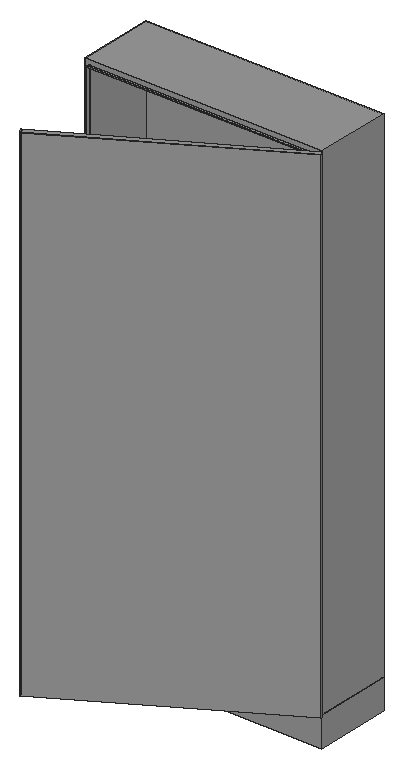
Revit family "Hager-Univers-IP55-D275-H1800-Cl.I-Steel_encl-NoHosted-PT-pt", category Electrical Equipment, Revit 2020
Family settings
  Panel Configuration = Two Columns, Circuits Across
  Round Connector Dimension = Use Diameter
  Part Type = Panelboard
  Work Plane-Based = Yes
  Always vertical = Yes
  Cut with Voids When Loaded = No
  Shared = No
  Room Calculation Point = No
Parameters (values of type "Instalação de piso IP55 L800 A1800 P275  - FR13E1")
  Width Control [instance] = if([EF000008 - Largura] > Min Width, [EF000008 - Largura], Min Width)  # 800 mm
  Type Comments = [HG000003 - Gama]  # "Univers"
  Thickness Door [instance] = if([EF009171 - Espessura do material da porta/tampa] > 3 mm, 3 mm, [EF009171 - Espessura do material da porta/tampa])  # 1.5 mm
  Seal Frame Offset [instance] = 17 mm  # constant formula
  Plinth Visibility [instance] = [HG000027 - Altura da Plinta] > 0 mm  # yes
  Min Width [instance] = 100 mm  # constant formula
  Min Depth [instance] = (2 * [EF009170 - Espessura do material do invólucro]) + 1 mm  # 4 mm
  Min Height [instance] = 100 mm  # constant formula
  Internal Frame Depth [instance] = (Door System Depth * 0.5)  # 9 mm
  Panel Name [instance] = ""  # (empty or 0)
  Model = ""
  HG000027 - Altura da Plinta = 100 mm
  HG000026 - Instalação no chão = yes
  HG000024 - Altura da secção inferior = 600 mm
  HG000023 - Recinto de secção dupla = no
  HG000016 - Visibilidade da porta 3D [instance] = yes
  HG000015 - Visibilidade através da porta [instance] = no
  HG000014 - Porta à direita [instance] = yes
  HG000013 - Porta à esquerda [instance] = not([HG000014 - Porta à direita])  # no
  HG000012 - Ângulo de abertura de porta [instance] = 30.00°
  HG000010 - Portas assimétricas = no
  HG000009 - Porta dupla = no
  HG000006 - Encastrado = no
  HG000004 - Referência do Fabricante = "FR13E1"
  HG000003 - Gama = "Univers"
  HG000002 - Com porta ou tampa = yes
  Frame Offset Bottom [instance] = 10 mm  # constant formula
  Frame Offset [instance] = 15 mm  # constant formula
  EF015940 - Tampa com libertação de sobrepressão = no
  EF011959 - Grau de proteção (NEMA) = ""
  EF009554 - Número de aberturas para placas de flange = 6
  EF009212 - Tipo de tampa = "EV000116 - Fechado"
  EF009171 - Espessura do material da porta/tampa = 1.5 mm
  EF009170 - Espessura do material do invólucro = 1.5 mm
  EF008873 - Corrente nominal (In) = 800 A
  EF007800 - Adequado para proteção contra raios = no
  EF006306 - Com fecho = no
  EF006244 - Tampa/porta transparente = no
  EF005474 - Grau de proteção (IP) = "EV006420 - IP55"
  EF004464 - Tipo de porta = "EV002646 - Único"
  EF004427 - Número de módulos = 396
  EF004293 - Força de impacto = "EV008784 - IK10"
  EF003532 - Adequado para uso no exterior = no
  EF002950 - Largura em número de módulos = 24
  EF001613 - Integridade do circuito = "EV000494 - Nenhum"
  EF001596 - Material do corpo = "EV000179 - Aço"
  EF001131 - Profundidade interior = 275 mm
  EF001088 - Extensão possível = yes
  EF000437 - Número de entradas de condutores = 6
  EF000339 - Tipo de difusor = "EV004216 - Porta"
  EF000266 - Número de linhas = 11
  EF000218 - Profundidade incorporada = 0 mm
  EF000118 - Com tampa de montagem = no
  EF000116 - Número RAL = "7035"
  EF000049 - Profundidade = 275 mm
  EF000040 - Altura = 1800 mm
  EF000008 - Largura = 800 mm
  EF000007 - Cor = "EV000270 - Cinzento"
  EF000003 - Método de montagem = "EV012274 - Instalação de piso"
  Door System Leaf Tolerance [instance] = 1.5 mm  # constant formula
  Door System Depth [instance] = 18 mm  # constant formula
  Door Height [instance] = Height Control - [HG000027 - Altura da Plinta]  # 1700 mm
  Description = ""
  Default Elevation = 1219.2 mm
  Connector Offset [instance] = Height Control / 2  # 900 mm
  Manufacturer = "Hager"  # constant formula
  Height Control [instance] = if([EF000040 - Altura] > Min Height, [EF000040 - Altura], Min Height)  # 1800 mm
  Depth Control [instance] = if([EF000049 - Profundidade] > Min Depth, [EF000049 - Profundidade], Min Depth)  # 275 mm
  Bottom Top Plate Trim [instance] = 1.5 mm  # constant formula
  Plinth height Ctrl [instance] = if([HG000027 - Altura da Plinta] > 0 mm, [HG000027 - Altura da Plinta], 12 mm)  # 100 mm
Types (3, lengths in mm): name | Width Control | HG000010 - Portas assimétricas | HG000009 - Porta dupla | HG000004 - Referência do Fabricante | EF009554 - Número de aberturas para placas de flange | EF004464 - Tipo de porta | EF004427 - Número de módulos | EF000437 - Número de entradas de condutores | EF000008 - Largura
  Instalação de piso IP55 L1050 A1800 P275  - FR14E1 | 1050 | yes | yes | "FR14E1" | 8 | "EV003602 - Duplo" | 528 | 8 | 1050
  Instalação de piso IP55 L1300 A1800 P275  - FR15E1 | 1300 | yes | yes | "FR15E1" | 10 | "EV003602 - Duplo" | 660 | 10 | 1300
  Instalação de piso IP55 L800 A1800 P275  - FR13E1 | 800 | no | no | "FR13E1" | 6 | "EV002646 - Único" | 396 | 6 | 800
Reference planes
  plane 1 "Center (Front/Back)": y = 0
  plane 2: z = 0
  plane 3 "Center (Left/Right)": x = 0
  plane 4: y = 0
  plane 5: y = 0
  plane 6: z = 0
  plane 7: x = -400
  plane 8: x = 400
  plane 9: x = 398.5
  plane 10: x = -398.5
  plane 11: z = 100
  plane 12: z = 101.5
  plane 13: y = -275
  plane 14: y = -1.5
  plane 15: x = 0
  plane 16: y = -257
  plane 17: y = -273.5
  plane 18: y = -255.5
  plane 19: x = -383.5
  plane 20: x = 383.5
  plane 21: z = 111.5
  plane 22: x = -383
  plane 23: x = 383
  plane 24: z = 100
  plane 25: z = 1800
  plane 26: z = 1800
  plane 27: z = 1783.5
  plane 28: z = 1798.5
Forms (mm)
  Extrusion 1, solid, material "Hager_Steel_RAL7035_Light_Grey", detail levels medium+fine
    sketch origin (-208.679, -4572, 100) x (-1, 0, 0) y (0, -1, 0)
      loop
        line (191.321, -4315) -> (-608.679, -4315) -> (-608.679, -4572) -> (191.321, -4572) -> (191.321, -4315)
    from 0 to 1700
  Extrusion 2, void
    sketch origin (-350.771, -275, 1219.2) x (1, 0, 0) y (0, 0, 1)
      loop
        line (-47.729, 579.3) -> (-47.729, -1117.7) -> (749.271, -1117.7) -> (749.271, 579.3) -> (-47.729, 579.3)
    from -19.5 to -273.5
  Extrusion 3, void
    sketch origin (-290.084, -257, 1219.2) x (1, 0, 0) y (0, 0, 1)
      loop
        line (-93.416, -1107.7) -> (673.584, -1107.7) -> (673.584, 564.3) -> (-93.416, 564.3) -> (-93.416, -1107.7)
    from 0 to -1.5
  Extrusion 4, solid, material "Hager_Steel_RAL7035_Light_Grey", visible <- "Plinth Visibility", detail levels medium+fine
    sketch origin (0, 0, 0) x (1, 0, 0) y (0, 1, 0)
      loop
        line (-400, 0) -> (-400, -257) -> (400, -257) -> (400, 0) -> (-400, 0)
    from 0 to 100 <- "Plinth height Ctrl"
  Extrusion 5, solid, material "Hager_Steel_RAL7035_Light_Grey", detail levels coarse
    sketch origin (0, 0, 0) x (1, 0, 0) y (0, 1, 0)
      loop
        line (-400, 0) -> (-400, -275) -> (400, -275) -> (400, 0) -> (-400, 0)
    from 0 to 1800 <- "Height Control"
  Sweep 6, void
    path in 3D
      loop
        line (-400, -257, 100) -> (400, -257, 100) -> (400, 0, 100) -> (-400, 0, 100) -> (-400, -257, 100)
    profile origin (-400, -128.5, 100) x (1, 0, 0) y (0, 0, 1)
      loop
        line (0, 0) -> (0, -1.5) -> (1.5, -1.5)
        arc (1.5, -1.5) -> (1.061, -0.439) -> (0, 0) r 1.5
  Extrusion 7, solid, material "Hager_Steel_RAL7035_Light_Grey", detail levels fine
    sketch origin (-400, -257, 100) x (1, 0, 0) y (0, 0, 1)
      loop
        line (16.5, 11.5) -> (783.5, 11.5) -> (783.5, 1683.5) -> (16.5, 1683.5) -> (16.5, 11.5)
      loop
        line (15, 10) -> (785, 10) -> (785, 1685) -> (15, 1685) -> (15, 10)
    from 0 to 9 <- "Internal Frame Depth"
Cuts and joins
  Extrusion 2, Extrusion 3 cuts Extrusion 1
  Sweep 6 cuts Extrusion 4
Lines and regions (mm)
  Masking region 1
    outline origin (0, 0, 0) x (1, 0, 0) y (0, 1, 0)
      loop
        line (-400, 0) -> (-400, -275) -> (400, -275) -> (400, 0) -> (-400, 0)
  Masking region 2, detail levels coarse
    outline origin (-290.084, -257, 1219.2) x (-1, 0, 0) y (0, 0, 1)
      loop
        line (-690.084, -1219.2) -> (109.916, -1219.2) -> (109.916, 580.8) -> (-690.084, 580.8) -> (-690.084, -1219.2)
  Masking region 3, detail levels coarse
    outline origin (0, 0, 0) x (0, 1, 0) y (0, 0, 1)
      loop
        line (0, 0) -> (0, 1800) -> (-275, 1800) -> (-275, 0) -> (0, 0)
  Masking region 4, visible <- "Plinth Visibility", detail levels medium+fine
    outline origin (0, 0, 0) x (0, 1, 0) y (0, 0, 1)
      loop
        line (-1.5, 100) -> (-255.5, 100)
        arc (-255.5, 100) -> (-255.939, 98.939) -> (-257, 98.5) r 1.5
        line (-257, 98.5) -> (-257, 0) -> (0, 0) -> (0, 98.5)
        arc (0, 98.5) -> (-1.061, 98.939) -> (-1.5, 100) r 1.5
  Masking region 5, detail levels medium+fine
    outline origin (0, 0, 594.038) x (0, 1, 0) y (0, 0, 1)
      loop
        line (0, -494.038) -> (0, 1205.962) -> (-257, 1205.962) -> (-257, -494.038) -> (0, -494.038)
  Masking region 6, detail levels medium+fine
    outline origin (-359.7, -257, 1211.883) x (-1, 0, 0) y (0, 0, 1)
      loop
        line (-759.7, -1111.883) -> (40.3, -1111.883) -> (40.3, 588.117) -> (-759.7, 588.117) -> (-759.7, -1111.883)
  Masking region 7, visible <- "Plinth Visibility", detail levels medium+fine
    outline origin (-320.334, -257, 1041.368) x (-1, 0, 0) y (0, 0, 1)
      loop
        line (-720.334, -1041.368) -> (79.666, -1041.368) -> (79.666, -942.868)
        arc (79.666, -942.868) -> (78.606, -942.429) -> (78.166, -941.368) r 1.5
        line (78.166, -941.368) -> (-718.834, -941.368)
        arc (-718.834, -941.368) -> (-719.273, -942.429) -> (-720.334, -942.868) r 1.5
        line (-720.334, -942.868) -> (-720.334, -1041.368)
  sketch lines
    curve 1: line (-400, 0, 100) -> (-400, -257, 100)
    curve 2: line (-400, -257, 100) -> (400, -257, 100)
    curve 3: line (400, 0, 100) -> (-400, 0, 100)
    curve 4: line (400, -257, 100) -> (400, 0, 100)
Dimensions and locks
  locked: plane 1 "Center (Front/Back)" to plane 5
  "EF009170 - Espessura do material do invólucro": plane 7 to plane 10
  "EF009170 - Espessura do material do invólucro": plane 8 to plane 9
  equal spacing: plane 7, plane 3 "Center (Left/Right)", plane 8
  "Width Control": plane 7 to plane 8
  "Depth Control": plane 4 to plane 13
  "EF009170 - Espessura do material do invólucro": plane 4 to plane 14
  "Height Control": plane 25 to level
  "HG000027 - Altura da Plinta": plane 11 to level
  "EF009170 - Espessura do material do invólucro": plane 12 to plane 11
  "EF009170 - Espessura do material do invólucro": plane 17 to plane 13
  "EF009170 - Espessura do material do invólucro": plane 18 to plane 16
  "Frame Offset Bottom": plane 21 to plane 12
  "Frame Offset": plane 10 to plane 19
  "Frame Offset": plane 9 to plane 20
  "Door System Depth": plane 16 to plane 13
  "Seal Frame Offset": plane 7 to plane 22
  "Seal Frame Offset": plane 8 to plane 23
  "EF009170 - Espessura do material do invólucro": plane 26 to plane 28
  "Frame Offset": plane 28 to plane 27
  "Connector Offset": plane 2 to connector elem
  "Bottom Top Plate Trim": profile plane to Sweep 6 sketch curve
  "Bottom Top Plate Trim": Sweep 6 sketch curve to Sweep 6 sketch curve
  "Plinth height Ctrl": Masking region 4 sketch curve to level
  "Plinth height Ctrl": Masking region 7 sketch curve to level
  "Thickness Door": Extrusion 7 sketch curve to Extrusion 7 sketch curve  (x4)
  "Bottom Top Plate Trim": radius of Sweep 6 sketch curve
  "Bottom Top Plate Trim": radius of Masking region 4 sketch curve  (x2)
  "Bottom Top Plate Trim": radius of Masking region 7 sketch curve  (x2)
  aligned and locked: Extrusion 2 sketch curve to plane 12
  aligned and locked: Extrusion 2 sketch curve to plane 9
  aligned and locked: Extrusion 2 sketch curve to plane 10
  aligned and locked: Extrusion 2 to plane 14
  aligned and locked: Extrusion 1 sketch curve to plane 4
  aligned and locked: plane 8 to Extrusion 1 sketch curve
  aligned and locked: plane 7 to Extrusion 1 sketch curve
  aligned and locked: Extrusion 2 to plane 18
  aligned and locked: Extrusion 3 sketch curve to plane 19
  aligned and locked: plane 20 to Extrusion 3 sketch curve
  aligned and locked: Extrusion 3 to Extrusion 2
  aligned and locked: Extrusion 3 sketch curve to plane 21
  aligned and locked: plane 3 "Center (Left/Right)" to nested 1
  aligned and locked: Extrusion 1 sketch curve to plane 16
  aligned and locked: Extrusion 4 sketch curve to cut or joined group of Extrusion 1, Extrusion 2, Extrusion 3
  aligned and locked: Masking region 1 sketch curve to plane 7
  aligned and locked: Masking region 1 sketch curve to plane 5
  aligned and locked: Masking region 1 sketch curve to plane 8
  aligned and locked: Masking region 2 sketch curve to level
  aligned and locked: level to Masking region 3 sketch curve
  aligned and locked: plane 1 "Center (Front/Back)" to Masking region 3 sketch curve
  aligned and locked: plane 13 to Masking region 3 sketch curve
  aligned and locked: plane 5 to Masking region 4 sketch curve
  aligned and locked: Masking region 2 sketch curve to plane 8
  aligned and locked: Masking region 2 sketch curve to plane 7
  aligned and locked: plane 7 to nested 2
  aligned and locked: nested 2 to plane 5
  aligned and locked: plane 5 to Masking region 5 sketch curve
  aligned and locked: plane 26 to Masking region 5 sketch curve
  aligned and locked: Extrusion 5 sketch curve to plane 8
  aligned and locked: Extrusion 5 sketch curve to plane 7
  aligned and locked: Extrusion 5 sketch curve to plane 5
  aligned and locked: Extrusion 3 sketch curve to plane 27
  aligned and locked: Extrusion 2 sketch curve to plane 28
  aligned and locked: Masking region 2 to plane 25
  aligned and locked: Extrusion 4 to plane 16
  aligned and locked: profile plane to Sweep 6 sketch curve
  aligned and locked: Masking region 5 sketch curve to plane 24
  aligned and locked: level to Masking region 4 sketch curve
  aligned and locked: Masking region 1 to plane 13
  aligned and locked: nested 1 to plane 16
  aligned and locked: Masking region 3 to plane 25
  aligned and locked: plane 16 to Masking region 4 sketch curve
  aligned and locked: Masking region 5 sketch curve to plane 16
  aligned and locked: plane 24 to plane 11
  aligned and locked: plane 26 to plane 25
  aligned and locked: plane 26 to cut or joined group of Extrusion 1, Extrusion 2, Extrusion 3
  aligned and locked: nested 1 to plane 24
  aligned and locked: Extrusion 1 to Extrusion 3
  aligned and locked: Masking region 6 sketch curve to plane 8
  aligned and locked: Masking region 6 sketch curve to plane 24
  aligned and locked: Masking region 6 sketch curve to plane 7
  aligned and locked: Masking region 6 sketch curve to plane 26
  aligned and locked: Masking region 7 sketch curve to plane 7
  aligned and locked: level to Masking region 7 sketch curve
  aligned and locked: Masking region 7 sketch curve to plane 8
  aligned and locked: Extrusion 7 sketch curve to cut or joined group of Extrusion 1, Extrusion 2, Extrusion 3  (x4)
Automatic sketch dimensions
  plane 19 to Extrusion 3 sketch curve = 0 mm
  Extrusion 3 sketch curve to plane 20 = 0 mm
  Extrusion 3 sketch curve to plane 21 = 0 mm
  Extrusion 4 sketch curve to plane 7 = 0 mm
  Extrusion 4 sketch curve to plane 8 = 0 mm
  Extrusion 4 sketch curve to plane 16 = 0 mm
  Masking region 1 sketch curve to plane 13 = 0 mm
  Masking region 2 sketch curve to plane 25 = 0 mm
  Masking region 3 sketch curve to plane 25 = 0 mm
  Extrusion 5 sketch curve to plane 13 = 0 mm
  profile plane to Sweep 6 sketch curve = 0 mm
Nested families
  nested 1: "EC000058_Univers_Door" at (0, -257, 100), Double <- "HG000009 - Porta dupla", Transparent <- "EF006244 - Tampa/porta transparente", Angle <- "HG000012 - Ângulo de abertura de porta", Door_Right <- "HG000014 - Porta à direita", Assymetrical <- "HG000010 - Portas assimétricas", Door <- "HG000002 - Com porta ou tampa", Width_Ctrl <- "Width Control", 3d_Door <- "HG000016 - Visibilidade da porta 3D", Clearance <- "HG000015 - Visibilidade através da porta", Door_Left <- "HG000013 - Porta à esquerda", Width <- "Width Control", Door_Depth <- "Door System Depth", Leaf_Tolerance <- "Door System Leaf Tolerance", Height <- "Door Height", Lock_Visibility <- "EF006306 - Com fecho", Thickness <- "Thickness Door", type "EC000058_Univers_Door", detail levels medium+fine
    with min_wh 4 mm, Width_Ctrl 800 mm, Width 800 mm, Transparent no, Thickness 1.5 mm, Seal_Material Hager_Rubber, Lock_Visibility no, Lock_Material Hager_Plastic_RAL9005_Jet_Black, Leaf_Width 800 mm, Leaf_Tolerance_External_Sides 0 mm, Leaf_Tolerance 1.5 mm, Leaf_Offset 0 mm, Leaf_Height 1697 mm, Leaf_2_Width 800 mm, Leaf_2_Offset 400 mm, Leaf_1_Width 800 mm, Leaf_1_Offset 400 mm, Height_Ctrl 1700 mm, Height 1700 mm, Glass_Material Hager_Glass, Double_Clearance_Ctrl no, Double no, Door_Right_Ctrl yes, Door_Right yes, Door_Material Hager_Steel_RAL7035_Light_Grey, Door_Left_Ctrl no, Door_Left no, Door_Depth 18 mm, Door yes, Clearance_Material Hager_Clearance, Clearance_Depth 800 mm, Clearance_Ctrl no, Clearance no, Assymetrical no, Angle 30.00°, 3d_Door yes
  nested 2: "Hager_Enclosure_Symbol" at (-400, 0, 0), Height <- "Depth Control", Width <- "Width Control", type "Hager_Enclosure_Symbol"
    with Width_Ctrl 800 mm, Width 800 mm, Height_Ctrl 275 mm, Height 275 mm, A_Width_Int 18.047 mm, A_Width 216.562 mm, A_Height_Ctrl 240.625 mm, A_Height 240.625 mm
Connectors
  electrical at (0, 0, 900)
    settings: on plane 1 "Center (Front/Back)", index 1, voltage 0 V, apparent load 0 VA, apparent load phase1 0 VA, apparent load phase2 0 VA, apparent load phase3 0 VA, power factor 1, load classification "Other", number of poles 1, system type 30, power factor state 1, is connector primary yes, connector utility no, sub classification motor no, connector description ""
Definition of nested family "EC000058_Univers_Door"
  Parameters (values of type "EC000058_Univers_Door")
    min_wh [instance] = (2 * Thickness) + 1 mm  # 11 mm
    Width_Ctrl [instance] = 400 mm
    Width [instance] = 500 mm
    Transparent [instance] = yes
    Thickness [instance] = 5 mm
    Seal_Material [instance] = none
    Lock_Visibility [instance] = yes
    Lock_Material [instance] = none
    Leaf_Width [instance] = if((Width_Ctrl - 2 * Leaf_Tolerance_External_Sides) > 0 mm, (Width_Ctrl - 2 * Leaf_Tolerance_External_Sides), min_wh)  # 400 mm
    Leaf_Tolerance_External_Sides [instance] = 0 mm  # constant formula
    Leaf_Tolerance [instance] = 1.5 mm
    Leaf_Offset [instance] = 0 mm  # constant formula
    Leaf_Height [instance] = if((Height_Ctrl - 2 * Leaf_Tolerance) > 0 mm, (Height_Ctrl - 2 * Leaf_Tolerance), min_wh)  # 497 mm
    Leaf_2_Width [instance] = if(and(and(Double, Assymetrical), Door_Left), (Leaf_Width / 3) - (Leaf_Tolerance / 2), if(and(and(Double, Assymetrical), Door_Right), (Leaf_Width / 3) * 2 - (Leaf_Tolerance / 2), if(and(Double, not(Assymetrical)), (Leaf_Width / 2) - Leaf_Tolerance, Leaf_Width)))  # 400 mm
    Leaf_2_Offset [instance] = if(and(Double, Assymetrical), Leaf_2_Width / 2, if(and(Double, not(Assymetrical)), Leaf_Width / 4, Leaf_Width / 2))  # 200 mm
    Leaf_1_Width [instance] = if(and(and(Double, Assymetrical), Door_Right), (Leaf_Width / 3) - (Leaf_Tolerance / 2), if(and(and(Double, Assymetrical), Door_Left), (Width / 3) * 2 - (Leaf_Tolerance / 2), if(and(Double, not(Assymetrical)), (Leaf_Width / 2) - Leaf_Tolerance, Leaf_Width)))  # 400 mm
    Leaf_1_Offset [instance] = if(and(Double, Assymetrical), Leaf_1_Width / 2, if(and(Double, not(Assymetrical)), Leaf_Width / 4, Leaf_Width / 2))  # 200 mm
    Height_Ctrl [instance] = if(Height > min_wh, Height, min_wh)  # 500 mm
    Height [instance] = 500 mm
    Glass_Material [instance] = none
    Double_Clearance_Ctrl [instance] = and(Double, Clearance)  # no
    Double [instance] = no
    Door_Right_Ctrl [instance] = and(or(Door_Right, Double), Door)  # yes
    Door_Right [instance] = yes
    Door_Material [instance] = none
    Door_Left_Ctrl [instance] = and(or(Door_Left, Double), Door)  # no
    Door_Left [instance] = no
    Door_Depth [instance] = 30 mm
    Door [instance] = yes
    Default Elevation = 1219.2 mm
    Clearance_Material [instance] = none
    Clearance_Depth [instance] = if(Leaf_1_Width > Leaf_2_Width, Leaf_1_Width, Leaf_2_Width)  # 400 mm
    Clearance_Ctrl [instance] = and(not(Double), Clearance)  # yes
    Clearance [instance] = yes
    Assymetrical [instance] = yes
    Angle [instance] = 30.00°
    3d_Door [instance] = yes
  Reference planes
    plane 1 "Center (Front/Back)": y = 0
    plane 2 "Bottom": z = 0
    plane 3 "Center (Left/Right)": x = 0
    plane 4: z = 500
    plane 5: x = -200
    plane 6: x = 200
    plane 7: z = 500
    plane 8: x = -200
    plane 9: z = 0
    plane 10: x = 200
    plane 11: y = 0
    plane 12: z = 1.5
    plane 13: x = -600
    plane 14: y = -400
    plane 15: x = 600
    plane 16: x = 0
    plane 17: x = 0
    plane 18: x = -200
    plane 19: x = 200
    plane 20: z = 498.5
  Forms (mm)
    Extrusion 1, solid, material <- "Clearance_Material", visible <- "Double_Clearance_Ctrl"
      sketch origin (1200, 0, 0) x (1, 0, 0) y (0, 0, -1)
        loop
          line (-1800, -498.5) -> (-600, -498.5) -> (-600, 0) -> (-1800, 0) -> (-1800, -498.5)
      from 0 to -400
  Dimensions and locks
    equal spacing: plane 5, plane 3 "Center (Left/Right)", plane 6
    "Width_Ctrl": plane 5 to plane 6
    "Leaf_Offset": plane 5 to plane 8
    "Leaf_Offset": plane 6 to plane 10
    "Leaf_Offset": plane 9 to level
    "Leaf_Offset": plane 4 to plane 7
    "Height_Ctrl": plane 4 to level
    "Leaf_Tolerance": plane 12 to plane 9
    locked: plane 11 to plane 1 "Center (Front/Back)"
    "Leaf_1_Offset": plane 18 to plane 16
    "Leaf_2_Offset": plane 17 to plane 19
    "Leaf_1_Width": plane 13 to plane 8
    "Leaf_2_Width": plane 10 to plane 15
    "Clearance_Depth": plane 14 to plane 1 "Center (Front/Back)"
    "Leaf_Tolerance_External_Sides": plane 8 to plane 18
    "Leaf_Tolerance_External_Sides": plane 19 to plane 10
    "Leaf_Tolerance": plane 7 to plane 20
    aligned and locked: level to plane 2 "Bottom"
    aligned and locked: nested 1 to plane 16
    aligned and locked: nested 2 to plane 17
    aligned and locked: Extrusion 1 to plane 13
    aligned and locked: plane 15 to Extrusion 1
    aligned and locked: Extrusion 1 to plane 14
    aligned and locked: plane 12 to nested 1
    aligned and locked: nested 2 to plane 12
    aligned and locked: Extrusion 1 to plane 11
    aligned and locked: plane 20 to Extrusion 1
    aligned and locked: nested 2 to plane 11
    aligned and locked: nested 1 to plane 11
  Automatic sketch dimensions
    Extrusion 1 sketch curve to level = 0 mm
    plane 5 to Extrusion 1 sketch curve = 400 mm
    plane 6 to Extrusion 1 sketch curve = 400 mm
    Extrusion 1 sketch curve to plane 4 = 1.5 mm
  Nested families
    nested 1: "EC000058_Univers_Door_Leaf" at (0, 0, 1.5), Width <- "Leaf_1_Width", visible <- "Door_Left_Ctrl", Leaf_Height <- "Leaf_Height", Angle <- "Angle", 3d_Door <- "3d_Door", Transparent <- "Transparent", Clearance Material <- "Clearance_Material", Clearance <- "Clearance_Ctrl", Door_Material <- "Door_Material", Glass_Material <- "Glass_Material", Door_Depth <- "Door_Depth", Lock_Material <- "Lock_Material", Seal_Material <- "Seal_Material", Lock_Visibility <- "Lock_Visibility", Thickness <- "Thickness", type "EC000058_Univers_Door_Leaf"
      with Width 400 mm, Transparent_Glass_Offset 30 mm, Transparent_Ctrl yes, Transparent yes, Thickness 5 mm, Standard no, Seal_Material none, Seal_D2 8 mm, Seal_D1 1 mm, Offset_Internal_Frame 10 mm, Lock_Width 20 mm, Lock_Visibility_3d yes, Lock_Visibility yes, Lock_Thickness_3 3 mm, Lock_Thickness_2 1 mm, Lock_Thickness_1 3 mm, Lock_Radius_Offset_2 16 mm, Lock_Radius_Offset_1 15 mm, Lock_Radius_2 5 mm, Lock_Radius 6 mm, Lock_Offset 5 mm, Lock_Material none, Lock_Height 80 mm, Lock_Cover_Top_Offset_2d 17 mm, Lock_Cover_Height -65 mm, Leaf_Height 497 mm, Internal_Seal_Thickness 8 mm, Internal_Seal_Depth_2 4.5 mm, Internal_Frame_Depth 25 mm, Glass_Thickness -1 mm, Glass_Offset -2 mm, Glass_Material none, Door_Material none, Door_Depth 30 mm, Clearance Material none, Clearance yes, Angle_Ctrl 30.00°, Angle 30.00°, 3d_Door yes
    nested 2: "EC000058_Univers_Door_Leaf" at (0, 0, 1.5) x (-1, 0, 0) z (0, 0, 1), Width <- "Leaf_2_Width", visible <- "Door_Right_Ctrl", Leaf_Height <- "Leaf_Height", Angle <- "Angle", 3d_Door <- "3d_Door", Transparent <- "Transparent", Clearance Material <- "Clearance_Material", Clearance <- "Clearance_Ctrl", Door_Material <- "Door_Material", Glass_Material <- "Glass_Material", Door_Depth <- "Door_Depth", Lock_Material <- "Lock_Material", Seal_Material <- "Seal_Material", Lock_Visibility <- "Lock_Visibility", Thickness <- "Thickness", type "EC000058_Univers_Door_Leaf"
      with Width 400 mm, Transparent_Glass_Offset 30 mm, Transparent_Ctrl yes, Transparent yes, Thickness 5 mm, Standard no, Seal_Material none, Seal_D2 8 mm, Seal_D1 1 mm, Offset_Internal_Frame 10 mm, Lock_Width 20 mm, Lock_Visibility_3d yes, Lock_Visibility yes, Lock_Thickness_3 3 mm, Lock_Thickness_2 1 mm, Lock_Thickness_1 3 mm, Lock_Radius_Offset_2 16 mm, Lock_Radius_Offset_1 15 mm, Lock_Radius_2 5 mm, Lock_Radius 6 mm, Lock_Offset 5 mm, Lock_Material none, Lock_Height 80 mm, Lock_Cover_Top_Offset_2d 17 mm, Lock_Cover_Height -65 mm, Leaf_Height 497 mm, Internal_Seal_Thickness 8 mm, Internal_Seal_Depth_2 4.5 mm, Internal_Frame_Depth 25 mm, Glass_Thickness -1 mm, Glass_Offset -2 mm, Glass_Material none, Door_Material none, Door_Depth 30 mm, Clearance Material none, Clearance yes, Angle_Ctrl 30.00°, Angle 30.00°, 3d_Door yes
  Definition of nested family "EC000058_Univers_Door_Leaf"
    Parameters (values of type "EC000058_Univers_Door_Leaf")
      Width [instance] = 2000 mm
      Transparent_Glass_Offset [instance] = 30 mm
      Transparent_Ctrl [instance] = and(Transparent, [3d_Door])  # yes
      Transparent [instance] = yes
      Thickness [instance] = 5 mm
      Standard [instance] = and(not(Transparent), [3d_Door])  # no
      Seal_Material [instance] = none
      Seal_D2 [instance] = 8 mm  # constant formula
      Seal_D1 [instance] = 1 mm  # constant formula
      Offset_Internal_Frame [instance] = 10 mm  # constant formula
      Lock_Width [instance] = 20 mm  # constant formula
      Lock_Visibility_3d [instance] = and(Lock_Visibility, [3d_Door])  # yes
      Lock_Visibility [instance] = yes
      Lock_Thickness_3 [instance] = 3 mm  # constant formula
      Lock_Thickness_2 [instance] = 1 mm  # constant formula
      Lock_Thickness_1 [instance] = 3 mm  # constant formula
      Lock_Radius_Offset_2 [instance] = Lock_Radius_Offset_1 + 1 mm  # 16 mm
      Lock_Radius_Offset_1 [instance] = 15 mm  # constant formula
      Lock_Radius_2 [instance] = Lock_Radius - 1 mm  # 5 mm
      Lock_Radius [instance] = 6 mm  # constant formula
      Lock_Offset [instance] = 5 mm  # constant formula
      Lock_Material [instance] = none
      Lock_Height [instance] = 80 mm  # constant formula
      Lock_Cover_Top_Offset_2d [instance] = Lock_Radius_Offset_2 + 1 mm  # 17 mm
      Lock_Cover_Height [instance] = -(Lock_Height - Lock_Radius_Offset_1)  # -65 mm
      Leaf_Height [instance] = 2720.336 mm
      Internal_Seal_Thickness [instance] = 8 mm  # constant formula
      Internal_Seal_Depth_2 [instance] = 4.5 mm  # constant formula
      Internal_Frame_Depth [instance] = if(Door_Depth - Thickness > 5 mm, Door_Depth - Thickness, 5 mm)  # 25 mm
      Glass_Thickness [instance] = if(Thickness > 15 mm, Glass_Offset + 10 mm, -1 mm)  # -1 mm
      Glass_Offset [instance] = if(Thickness > 15 mm, -(Thickness + 10 mm) / 2, -2 mm)  # -2 mm
      Glass_Material [instance] = none
      Door_Material [instance] = none
      Door_Depth [instance] = 30 mm
      Default Elevation = 0 mm
      Clearance Material [instance] = none
      Clearance [instance] = yes
      Angle_Ctrl [instance] = if(Angle > 180.00°, 180.00°, Angle)  # 90.00°
      Angle [instance] = 90.00°
      3d_Door [instance] = yes
    Reference planes
      plane 1 "Center (Front/Back)": y = 0
      plane 2: z = 0
      plane 3 "Center (Left/Right)": x = 0
      plane 4: y = 2000
      plane 5: x = -1000
      plane 6: x = 1000
      plane 7: x = -3000
      plane 8: z = 2720.336
      plane 9: z = 30
      plane 10: z = 2690.336
      plane 11: x = 970
      plane 12: x = -970
      plane 13: y = -3
      plane 14: z = 107.833
      plane 15: y = -5
      plane 16: y = -223.314
      plane 17: x = -1000
      plane 18: z = 1360.168
      plane 19: y = 30
    Forms (mm)
      Extrusion 1, solid, material <- "Clearance Material", visible <- "Clearance"
        sketch origin (0, 0, 0) x (1, 0, 0) y (0, 0, 1)
          loop
            line (-3000, 2720.336) -> (-3000, 0) -> (1000, 0) -> (1000, 2720.336) -> (-3000, 2720.336)
        from 0 to -2000
      Extrusion 2, solid, material <- "Door_Material", visible <- "Standard", detail levels medium+fine
        sketch origin (-1000, 0, 0) x (0, 1, 0) y (-1, 0, 0)
          loop
            line (0, 30) -> (0, 25) -> (2000, 25) -> (2000, 30) -> (0, 30)
        from 0 to 2720.336 <- "Leaf_Height"
      Extrusion 3, solid, material <- "Door_Material", visible <- "Transparent_Ctrl", detail levels medium+fine
        sketch origin (-1000, 0, 0) x (0, 1, 0) y (-1, 0, 0)
          loop
            line (0, 25) -> (2000, 25) -> (2000, 30) -> (0, 30) -> (0, 25)
        from 0 to 2720.336 <- "Leaf_Height"
      Extrusion 4, void
        sketch origin (-1025, 2000, 0) x (0, 1, 0) y (0, 0, -1)
          loop
            line (-30, -2690.336) -> (-30, -30) -> (-1970, -30) -> (-1970, -2690.336) -> (-30, -2690.336)
        from 0 to 5 <- "Thickness"
      Sweep 5, solid, material <- "Seal_Material", visible <- "Transparent_Ctrl", detail levels fine
        path in 3D
          loop
            line (-1025, 30, 30) -> (-1025, 30, 2690.336) -> (-1025, 1970, 2690.336) -> (-1025, 1970, 30) -> (-1025, 30, 30)
        profile origin (-1025, 1000, 30) x (1, 0, 0) y (0, 0, 1)
          loop
            line (0, 0) -> (0, -8) -> (1, -8) -> (1, 0) -> (0, 0)
      Extrusion 6, solid, material <- "Glass_Material", visible <- "Transparent_Ctrl", detail levels medium+fine
        sketch origin (-1030, 0, 0) x (0, 1, 0) y (0, 0, -1)
          loop
            line (1970, -2690.336) -> (1970, -30) -> (30, -30) -> (30, -2690.336) -> (1970, -2690.336)
        from -2 <- "Glass_Offset" to -1 <- "Glass_Thickness"
      Extrusion 7, solid, material <- "Door_Material", visible <- "3d_Door", detail levels medium+fine
        sketch origin (-1025, 2000, 0) x (0, -1, 0) y (0, 0, -1)
          loop
            line (0, -2720.336) -> (2000, -2720.336) -> (2000, 0) -> (0, 0) -> (0, -2720.336)
          loop
            line (1995, -5) -> (5, -5) -> (5, -2715.336) -> (1995, -2715.336) -> (1995, -5)
        from 0 to 25 <- "Internal_Frame_Depth"
      Sweep 8, solid, material <- "Seal_Material", visible <- "Transparent_Ctrl", detail levels fine
        path in 3D
          loop
            line (-1025, 0, 0) -> (-1025, 2000, 0) -> (-1025, 2000, 2720.336) -> (-1025, 0, 2720.336) -> (-1025, 0, 0)
        profile origin (-1025, 0, 1360.168) x (1, 0, 0) y (0, 1, 0)
          loop
            line (0, 10) -> (2.975, 10)
            arc (2.975, 10) -> (4.053, 10.447) -> (4.5, 11.525) r 1.525
            line (4.5, 11.525) -> (4.5, 16.527)
            arc (4.5, 16.527) -> (4.069, 17.569) -> (3.027, 18) r 1.473
            line (3.027, 18) -> (0, 18) -> (0, 10)
      Extrusion 9, solid, material <- "Lock_Material", visible <- "Lock_Visibility_3d", detail levels fine
        sketch origin (-1030, 0, 0) x (0, 1, 0) y (0, 0, -1)
          loop
            arc (1993.5, -1400.168) -> (1994.561, -1399.729) -> (1995, -1398.668) r 1.5
            line (1995, -1398.668) -> (1995, -1320.168) -> (1975, -1320.168) -> (1975, -1398.668)
            arc (1975, -1398.668) -> (1975.439, -1399.729) -> (1976.5, -1400.168) r 1.5
            line (1976.5, -1400.168) -> (1993.5, -1400.168)
        from 3 <- "Lock_Thickness_1" to 0
      Blend 10, solid, material <- "Lock_Material", visible <- "Lock_Visibility_3d", detail levels fine
        base sketch origin (-1033, 0, 0) x (0, 1, 0) y (0, 0, -1)
          loop
            line (1975, -1320.168) -> (1975, -1398.668)
            arc (1975, -1398.668) -> (1975.439, -1399.729) -> (1976.5, -1400.168) r 1.5
            line (1976.5, -1400.168) -> (1993.5, -1400.168)
            arc (1993.5, -1400.168) -> (1994.561, -1399.729) -> (1995, -1398.668) r 1.5
            line (1995, -1398.668) -> (1995, -1320.168) -> (1975, -1320.168)
        top sketch origin (-1033, 0, 0) x (0, 1, 0) y (0, 0, -1)
          loop
            line (1976, -1320.168) -> (1976, -1398.668)
            arc (1976, -1398.668) -> (1976.146, -1399.022) -> (1976.5, -1399.168) r 0.5
            line (1976.5, -1399.168) -> (1993.5, -1399.168)
            arc (1993.5, -1399.168) -> (1993.854, -1399.022) -> (1994, -1398.668) r 0.5
            line (1994, -1398.668) -> (1994, -1320.168) -> (1976, -1320.168)
        from 0 to 1 <- "Lock_Thickness_2"
      Blend 11, solid, material <- "Lock_Material", visible <- "Lock_Visibility_3d", detail levels fine
        base sketch origin (-1034, 0, 0) x (0, 1, 0) y (0, 0, -1)
          loop
            line (1978, -1320.168) -> (1978, -1384.168)
            arc (1978, -1384.168) -> (1985, -1391.168) -> (1992, -1384.168) r 7
            line (1992, -1384.168) -> (1992, -1320.168) -> (1978, -1320.168)
        top sketch origin (-1034, 0, 0) x (0, 1, 0) y (0, 0, -1)
          loop
            line (1991, -1320.168) -> (1979, -1320.168) -> (1979, -1383.168)
            arc (1979, -1383.168) -> (1985, -1389.168) -> (1991, -1383.168) r 6
            line (1991, -1383.168) -> (1991, -1320.168)
        from 0 to 3 <- "Lock_Thickness_3"
      Extrusion 12, solid, material <- "Lock_Material", visible <- "Lock_Visibility_3d", detail levels fine
        sketch origin (-1030, 1975, 1320.168) x (1, 0, 0) y (0, -1, 0)
          loop
            line (-7, -19) -> (-7, -1) -> (0, -1) -> (0, 0) -> (-8, 0) -> (-8, -20) -> (0, -20) -> (0, -19) -> (-7, -19)
        from 0 to -65 <- "Lock_Cover_Height"
      Extrusion 13, void
        sketch origin (-1038, 1995, 1320.168) x (-1, 0, 0) y (0, 0, -1)
          loop
            line (-5, -65) -> (0, -65) -> (-5, -60) -> (-5, -65)
        from 0 to 20 <- "Lock_Width"
      Extrusion 14, void
        sketch origin (-1038, 1975, 1320.168) x (0, -1, 0) y (0, 0, -1)
          loop
            circle (-10, -15.995) r 6
          loop
            circle (-10, -15.995) r 5
        from 0 to 2
      Extrusion 15, solid, material <- "Lock_Material", visible <- "Lock_Visibility_3d", detail levels medium
        sketch origin (-1030, 0, 0) x (0, 1, 0) y (0, 0, -1)
          loop
            arc (1993.5, -1400.168) -> (1994.561, -1399.729) -> (1995, -1398.668) r 1.5
            line (1995, -1398.668) -> (1995, -1320.168) -> (1975, -1320.168) -> (1975, -1398.668)
            arc (1975, -1398.668) -> (1975.439, -1399.729) -> (1976.5, -1400.168) r 1.5
            line (1976.5, -1400.168) -> (1993.5, -1400.168)
        from 8 to 0
    Cuts and joins
      Extrusion 4 cuts Extrusion 3
      Extrusion 13, Extrusion 14 cuts Extrusion 9
      Extrusion 14 cuts Blend 11
      Extrusion 13, Extrusion 14 cuts Extrusion 12
      joined: Extrusion 9, Blend 10, Blend 11, Extrusion 12
      Extrusion 14 cuts Extrusion 15
    Lines and regions (mm)
      Masking region 1, visible <- "Lock_Visibility", detail levels fine
        outline origin (0, 0, 0) x (0, 1, 0) y (0, 0, 1)
          loop
            line (30, 1320.168) -> (33, 1320.168) -> (33, 1400.168) -> (30, 1400.168) -> (30, 1320.168)
      Masking region 2, visible <- "Lock_Visibility", detail levels fine
        outline origin (0, 3.143, 0) x (0, 1, 0) y (0, 0, 1)
          loop
            line (29.857, 1354.168) -> (30.857, 1354.168) -> (30.857, 1366.168) -> (29.857, 1366.168) -> (29.857, 1354.168)
      Masking region 3, detail levels medium+fine
        outline origin (0, 0, 0) x (0, 1, 0) y (0, 0, 1)
          loop
            line (0, 0) -> (30, 0) -> (30, 2720.336) -> (0, 2720.336) -> (0, 0)
      Masking region 4, detail levels medium+fine
        outline origin (0, 0, 0) x (1, 0, 0) y (0, 0, 1)
          loop
            line (-1000, 2720.336) -> (-1000, 0) -> (1000, 0) -> (1000, 2720.336) -> (-1000, 2720.336)
      Masking region 5, visible <- "Lock_Visibility", detail levels fine
        outline origin (-47.116, 0, 0) x (1, 0, 0) y (0, 0, 1)
          loop
            arc (1024.616, 1399.168) -> (1023.556, 1398.729) -> (1023.116, 1397.668) r 1.5
            line (1023.116, 1397.668) -> (1023.116, 1320.168) -> (1041.116, 1320.168) -> (1041.116, 1397.668)
            arc (1041.116, 1397.668) -> (1040.677, 1398.729) -> (1039.616, 1399.168) r 1.5
            line (1039.616, 1399.168) -> (1024.616, 1399.168)
      Masking region 6, visible <- "Lock_Visibility", detail levels medium+fine
        outline origin (-25, 0, 0) x (1, 0, 0) y (0, 0, 1)
          loop
            arc (1001.5, 1400.168) -> (1000.439, 1399.729) -> (1000, 1398.668) r 1.5
            line (1000, 1398.668) -> (1000, 1320.168) -> (1020, 1320.168) -> (1020, 1398.668)
            arc (1020, 1398.668) -> (1019.561, 1399.729) -> (1018.5, 1400.168) r 1.5
            line (1018.5, 1400.168) -> (1001.5, 1400.168)
      Masking region 7, visible <- "Lock_Visibility", detail levels fine
        outline origin (-73.735, 0, 0) x (1, 0, 0) y (0, 0, 1)
          loop
            line (1051.735, 1382.168) -> (1065.735, 1382.168) -> (1065.735, 1384.168)
            arc (1065.735, 1384.168) -> (1058.735, 1391.168) -> (1051.735, 1384.168) r 7
            line (1051.735, 1384.168) -> (1051.735, 1382.168)
      Masking region 8, visible <- "Lock_Visibility", detail levels fine
        outline origin (-73.735, 0, 0) x (1, 0, 0) y (0, 0, 1)
          loop
            line (1052.735, 1382.168) -> (1064.735, 1382.168) -> (1064.735, 1383.168)
            arc (1064.735, 1383.168) -> (1058.735, 1389.168) -> (1052.735, 1383.168) r 6
            line (1052.735, 1383.168) -> (1052.735, 1382.168)
      Masking region 9, visible <- "Lock_Visibility", detail levels fine
        outline origin (-25, 0, 0) x (1, 0, 0) y (0, 0, 1)
          loop
            line (1020, 1320.168) -> (1020, 1382.168) -> (1000, 1382.168) -> (1000, 1320.168) -> (1020, 1320.168)
      Masking region 10, detail levels medium+fine
        outline origin (0, 0, 0) x (1, 0, 0) y (0, 0, 1)
          loop
            circle (985, 1335.144) r 6
      Masking region 11, detail levels fine
        outline origin (0, 0, 0) x (1, 0, 0) y (0, 0, 1)
          loop
            circle (985, 1335.144) r 5
      Masking region 12, visible <- "Lock_Visibility", detail levels fine
        outline origin (0, 12.767, 0) x (0, 1, 0) y (0, 0, 1)
          loop
            line (20.233, 1320.168) -> (21.233, 1320.168) -> (21.233, 1399.168) -> (20.233, 1400.168) -> (20.233, 1320.168)
      Masking region 13, visible <- "Lock_Visibility", detail levels fine
        outline origin (0, 13.767, -10) x (0, 1, 0) y (0, 0, 1)
          loop
            line (20.233, 1330.168) -> (23.233, 1330.168) -> (23.233, 1399.168) -> (20.233, 1402.168) -> (20.233, 1330.168)
      Masking region 14, visible <- "Lock_Visibility", detail levels fine
        outline origin (0, 12.767, -10) x (0, 1, 0) y (0, 0, 1)
          loop
            line (20.233, 1330.168) -> (25.233, 1330.168) -> (25.233, 1399.305) -> (20.233, 1394.305) -> (20.233, 1330.168)
      Masking region 15, visible <- "Lock_Visibility", detail levels medium
        outline origin (0, 0, 0) x (0, 1, 0) y (0, 0, 1)
          loop
            line (30, 1320.168) -> (38, 1320.168) -> (38, 1400.168) -> (30, 1400.168) -> (30, 1320.168)
      Masking region 16, visible <- "Lock_Visibility", detail levels fine
        outline origin (-1000, 0, 0) x (0, 1, 0) y (-1, 0, 0)
          loop
            line (1975, 30) -> (1995, 30) -> (1995, 38) -> (1975, 38) -> (1975, 30)
          loop
            line (1979, 37) -> (1976, 37) -> (1976, 34) -> (1978, 34) -> (1979, 37)
          loop
            line (1994, 37) -> (1991, 37) -> (1992, 34) -> (1994, 34) -> (1994, 37)
      Masking region 17, visible <- "Lock_Visibility", detail levels medium
        outline origin (-1000, 0, 0) x (0, 1, 0) y (-1, 0, 0)
          loop
            line (1975, 30) -> (1995, 30) -> (1995, 38) -> (1975, 38) -> (1975, 30)
      symbolic lines
        curve 1: line (1000, 0, 0) -> (-3000, 0, 0)
        curve 2: arc (1000, 0, 0) -> (-1000, 2000, 0) -> (-3000, 0, 0) r 2000
        curve 4: line (-1030, 0, 0) -> (-1030, 2000, 0)
      reference lines
        curve 3: line (-1000, 0, 0) -> (-1000, 2000, 0)
      symbolic lines, detail levels medium+fine
        curve 5: line (-1030, 2000, 0) -> (-1025, 2000, 0)
        curve 7: line (-1025, 0, 0) -> (-1030, 0, 0)
        curve 8: line (-1025, 0, 0) -> (-1000, 0, 0)
        curve 9: line (-1000, 0, 0) -> (-1000, 2000, 0)
        curve 10: line (-1000, 2000, 0) -> (-1025, 2000, 0)
      symbolic lines, detail levels fine
        curve 6: line (-1025, 2000, 0) -> (-1025, 0, 0)
      sketch lines
        curve 11: line (-1025, 0, 2720.336) -> (-1025, 0, 0)
        curve 12: line (-1025, 2000, 0) -> (-1025, 0, 0)
        curve 13: line (-1025, 2000, 2720.336) -> (-1025, 2000, 0)
        curve 14: line (-1025, 0, 2720.336) -> (-1025, 2000, 2720.336)
        curve 15: line (-1025, 1970, 30) -> (-1025, 30, 30)
        curve 16: line (-1025, 30, 30) -> (-1025, 30, 2690.336)
        curve 17: line (-1025, 1970, 2690.336) -> (-1025, 1970, 30)
        curve 18: line (-1025, 30, 2690.336) -> (-1025, 1970, 2690.336)
      symbolic lines, visible <- "Transparent", detail levels medium+fine
        curve 19: line (-970, 0, 2690.336) -> (970, 0, 2690.336)
        curve 20: line (-970, 0, 30) -> (-970, 0, 2690.336)
        curve 21: line (970, 0, 30) -> (-970, 0, 30)
        curve 22: line (970, 0, 2690.336) -> (970, 0, 30)
    Dimensions and locks
      "Width": plane 1 "Center (Front/Back)" to plane 4
      equal spacing: plane 5, plane 3 "Center (Left/Right)", plane 6
      "Width": plane 5 to plane 6
      "Width": plane 7 to plane 5
      "Leaf_Height": plane 8 to level
      "Width": curve 5 to curve 3
      "Width": curve 3 to curve 3
      plane 8 to plane 10 = 30 mm
      plane 9 to level = 30 mm
      plane 12 to plane 5 = 30 mm
      plane 6 to plane 11 = 30 mm
      Extrusion 1 to Extrusion 4 sketch curve = 30 mm
      "Transparent_Glass_Offset": curve 3 to Extrusion 4 sketch curve
      "Transparent_Glass_Offset": Extrusion 4 sketch curve to cut or joined group of Extrusion 3, Extrusion 4  (x2)
      cut or joined group of Extrusion 3, Extrusion 4 to Extrusion 6 sketch curve = 30 mm
      "Transparent_Glass_Offset": cut or joined group of Extrusion 3, Extrusion 4 to Extrusion 4 sketch curve
      "Thickness": curve 6 to curve 4
      "Thickness": Extrusion 7 sketch curve to Extrusion 7 sketch curve  (x4)
      "Door_Depth": curve 4 to curve 3
      "Offset_Internal_Frame": profile plane to Sweep 8 sketch curve
      "Internal_Seal_Thickness": Sweep 8 sketch curve to Sweep 8 sketch curve
      "Internal_Seal_Depth_2": profile plane to Sweep 8 sketch curve
      "Seal_D1": profile plane to Sweep 5 sketch curve
      "Seal_D2": profile plane to Sweep 5 sketch curve
      "Thickness": Extrusion 2 sketch curve to Extrusion 2 sketch curve
      equal spacing: Extrusion 9 sketch curve, plane 18, Extrusion 9 sketch curve  (x2)
      equal spacing: Masking region 1 sketch curve, plane 18, Masking region 1 sketch curve
      "Lock_Height": Masking region 1 sketch curve to Masking region 1 sketch curve
      "Lock_Radius": Masking region 2 sketch curve to plane 18 to Masking region 2 sketch curve
      Masking region 2 sketch curve to Masking region 1 = 1 mm
      "Door_Depth": plane 19 to plane 1 "Center (Front/Back)"
      "Lock_Thickness_1": Masking region 1 sketch curve to plane 19
      "Lock_Width": Extrusion 9 sketch curve to Extrusion 9 sketch curve
      "Lock_Height": Extrusion 9 sketch curve to Extrusion 9 sketch curve
      "Lock_Offset": cut or joined group of Extrusion 3, Extrusion 4 to Extrusion 9 sketch curve
      equal spacing: plane 8, plane 18, level
      "Lock_Radius_Offset_1": Blend 11 sketch curve to Blend 10
      locked: Blend 10 to Blend 11 sketch curve at 2  (x2)
      locked: var sketch to Blend 11 sketch curve at 1  (x2)
      "Lock_Radius_Offset_2": Blend 11 sketch curve to Blend 10
      locked: Extrusion 12 sketch curve to Extrusion 12 sketch curve at 1  (x3)
      Masking region 6 sketch curve to Masking region 6 sketch curve = 80 mm
      "Lock_Height": Masking region 6 sketch curve to Masking region 6 sketch curve
      "Lock_Width": Masking region 6 sketch curve to Masking region 6 sketch curve
      locked: Masking region 6 to Masking region 5 sketch curve at 1  (x3)
      locked: Masking region 5 to Masking region 7 sketch curve at 2  (x2)
      "Lock_Radius_Offset_1": Masking region 5 to Masking region 7 sketch curve
      "Lock_Radius_Offset_2": Masking region 5 to Masking region 8 sketch curve
      locked: Masking region 7 to Masking region 8 sketch curve at 1  (x2)
      "Lock_Cover_Top_Offset_2d": Masking region 5 to Masking region 9 sketch curve
      equal spacing: Masking region 9, Masking region 10 sketch curve, Masking region 9
      equal spacing: Masking region 9, Masking region 11 sketch curve, Masking region 9
      Extrusion 15 sketch curve to Extrusion 15 sketch curve = 80 mm
      "Lock_Width": Extrusion 15 sketch curve to Extrusion 15 sketch curve
      "Lock_Height": Extrusion 15 sketch curve to Extrusion 15 sketch curve
      equal spacing: Extrusion 15 sketch curve, plane 18, Extrusion 15 sketch curve
      "Lock_Thickness_3": Masking region 13 sketch curve to Masking region 13 sketch curve
      "Lock_Height": Masking region 12 sketch curve to Masking region 12 sketch curve
      locked: Masking region 13 sketch curve to Masking region 1 at 8
      locked: Masking region 14 sketch curve to Masking region 13 at 1
      locked: Masking region 14 sketch curve to Masking region 1 at 10.863
      "Lock_Height": Masking region 15 sketch curve to Masking region 15 sketch curve
      "Lock_Offset": Extrusion 15 sketch curve to cut or joined group of Extrusion 3, Extrusion 4
      "Lock_Offset": plane 6 to Masking region 6 sketch curve
      radius of Sweep 8 sketch curve = 1.525 mm
      radius of Sweep 8 sketch curve = 1.473 mm
      radius of Extrusion 9 sketch curve = 1.5 mm  (x2)
      "Lock_Radius": radius of Extrusion 14 sketch curve
      "Lock_Radius_2": radius of Extrusion 14 sketch curve
      "Lock_Radius": radius of Masking region 10 sketch curve
      "Lock_Radius_2": radius of Masking region 11 sketch curve
      radius of Extrusion 15 sketch curve = 1.5 mm  (x2)
      "Angle_Ctrl": angle plane 1 "Center (Front/Back)" to curve 3
      locked: Masking region 12 sketch curve to Masking region 12 sketch curve (angle 45.00°)
      locked: Masking region 13 sketch curve to Masking region 13 sketch curve (angle 45.00°)
      locked: Masking region 14 sketch curve to Masking region 14 sketch curve (angle 45.00°)
      aligned and locked: level to plane 2
      aligned and locked: Extrusion 1 to curve 1
      aligned and locked: plane 6 to Extrusion 1
      aligned and locked: Extrusion 1 to plane 1 "Center (Front/Back)"
      aligned and locked: plane 4 to Extrusion 1
      aligned and locked: plane 8 to Extrusion 1
      aligned and locked: curve 7 to Extrusion 2 sketch curve
      aligned and locked: curve 5 to Extrusion 2 sketch curve
      aligned and locked: curve 7 to Extrusion 3 sketch curve
      aligned and locked: Extrusion 3 sketch curve to curve 4
      aligned and locked: Extrusion 3 sketch curve to curve 6
      aligned and locked: Extrusion 3 sketch curve to curve 5
      aligned and locked: curve 9 to curve 3
      aligned and locked: Extrusion 7 sketch curve to cut or joined group of Extrusion 3, Extrusion 4  (x4)
      aligned and locked: plane 17 to curve 3
      aligned and locked: plane 1 "Center (Front/Back)" to curve 3
      aligned and locked: plane 17 to plane 5
      aligned and locked: Sweep 8 sketch curve to profile plane
      aligned and locked: Sweep 5 sketch curve to profile plane  (x2)
      aligned and locked: Masking region 1 to Masking region 2 sketch curve
      aligned and locked: plane 19 to Masking region 1 sketch curve
      aligned and locked: plane 1 "Center (Front/Back)" to Masking region 3 sketch curve
      aligned and locked: plane 19 to Masking region 3 sketch curve
      aligned and locked: level to Masking region 3 sketch curve
      aligned and locked: Masking region 3 sketch curve to plane 8
      aligned and locked: plane 17 to Masking region 4 sketch curve
      aligned and locked: level to Masking region 4 sketch curve
      aligned and locked: Masking region 4 sketch curve to plane 8
      aligned and locked: plane 12 to curve 20
      aligned and locked: plane 10 to curve 19
      aligned and locked: plane 11 to curve 22
      aligned and locked: curve 21 to plane 9
      aligned and locked: Extrusion 2 sketch curve to cut or joined group of Extrusion 3, Extrusion 4
      aligned and locked: Blend 10 sketch curve to Extrusion 9  (x4)
      aligned and locked: Extrusion 9 to Blend 10 sketch curve
      aligned and locked: Blend 10 to Blend 11 sketch curve
      aligned and locked: Extrusion 12 sketch curve to Blend 11
      aligned and locked: Extrusion 12 sketch curve to Extrusion 9  (x4)
      aligned and locked: Masking region 5 sketch curve to Masking region 6
      aligned and locked: Masking region 9 sketch curve to Masking region 6  (x3)
      aligned and locked: Masking region 12 sketch curve to Masking region 1
      aligned and locked: Masking region 13 sketch curve to Masking region 1
      aligned and locked: Masking region 12 to Masking region 14
      aligned and locked: Masking region 14 sketch curve to Masking region 1
      aligned and locked: Masking region 15 sketch curve to Masking region 14
      aligned and locked: Masking region 13 sketch curve to Masking region 12
      aligned and locked: Masking region 16 sketch curve to cut or joined group of Extrusion 14, Extrusion 15  (x4)
      aligned and locked: Masking region 16 sketch curve to cut or joined group of Extrusion 9, Blend 10, Blend 11, Extrusion 12, Extrusion 13, Extrusion 14  (x6)
      aligned and locked: cut or joined group of Extrusion 9, Blend 10, Blend 11, Extrusion 12, Extrusion 13, Extrusion 14 to Masking region 16 sketch curve
      aligned and locked: Masking region 17 sketch curve to cut or joined group of Extrusion 14, Extrusion 15  (x3)
      aligned and locked: Masking region 17 sketch curve to cut or joined group of Extrusion 9, Blend 10, Blend 11, Extrusion 12, Extrusion 13, Extrusion 14
      aligned and locked: Masking region 9 to Masking region 8 sketch curve
      aligned and locked: Masking region 9 to Masking region 7 sketch curve
    Automatic sketch dimensions
      plane 1 "Center (Front/Back)" to curve 2 = 0 mm
      curve 2 to plane 5 = 0 mm
      Extrusion 1 sketch curve to level = 0 mm
      Extrusion 1 sketch curve to plane 7 = 0 mm
      Extrusion 1 sketch curve to plane 6 = 0 mm
      Extrusion 1 sketch curve to plane 8 = 0 mm
      Extrusion 3 to Extrusion 6 sketch curve = 30 mm  (x4)
      Masking region 4 sketch curve to plane 6 = 0 mm
      Blend 10 sketch curve to Extrusion 9 = 1.5 mm
      Blend 10 sketch curve to Extrusion 9 = 1 mm
      Extrusion 13 sketch curve to Extrusion 12 = 0 mm  (x2)
      Extrusion 12 to Extrusion 13 sketch curve = 3 mm
      Extrusion 13 sketch curve to Extrusion 12 = 5 mm
      Extrusion 14 sketch curve to Extrusion 14 sketch curve = 0 mm  (x2)
      Extrusion 14 sketch curve to Extrusion 12 = 10 mm
      Extrusion 14 sketch curve to Extrusion 12 = 15.995 mm
      Masking region 5 sketch curve to Masking region 5 sketch curve = 1.5 mm  (x2)
      Masking region 10 sketch curve to plane 18 = 25.024 mm
      Masking region 11 sketch curve to plane 18 = 25.024 mm
      plane 19 to Masking region 14 sketch curve = 3 mm
      Masking region 16 sketch curve to Masking region 16 sketch curve = 3 mm
      curve 4 to curve 3 = 0 mm
      Blend 10 to Blend 11 sketch curve = 0 mm
      Masking region 6 sketch curve to Masking region 6 sketch curve = 1.5 mm  (x2)
      Masking region 6 sketch curve to plane 18 = 40 mm
      plane 19 to Masking region 12 sketch curve = 3 mm
      Masking region 12 sketch curve to Masking region 12 sketch curve = 1 mm
      Masking region 15 sketch curve to plane 19 = 0 mm
      Masking region 15 sketch curve to plane 18 = 40 mm
      radius of Blend 10 sketch curve to Extrusion 9 = 1 mm
Definition of nested family "Hager_Enclosure_Symbol"
  Parameters (values of type "Hager_Enclosure_Symbol")
    Width_Ctrl [instance] = if(Width > 1 mm, Width, 1 mm)  # 102.27 mm
    Width [instance] = 102.27 mm
    Height_Ctrl [instance] = if(Height > 1 mm, Height, 1 mm)  # 66.5 mm
    A_Width_Int [instance] = if(A_Width / 12 > 2 mm, A_Width / 12, 2 mm)  # 4.364 mm
    A_Width [instance] = if(A_Height_Ctrl * 0.9 > 2 mm, A_Height_Ctrl * 0.9, 2 mm)  # 52.369 mm
    A_Height_Ctrl [instance] = if(A_Height > 2 mm, A_Height, 2 mm)  # 58.188 mm
    Height [instance] = 66.5 mm
    A_Height [instance] = Height - (Height / 8)  # 58.188 mm
  Reference planes
    plane 1 "Centre (avant/arrière)": y = 0
    plane 2: z = 0
    plane 3 "Centre (gauche/droite)": x = 0
    plane 4: x = 52.369
    plane 5: y = 33.042
    plane 6: y = 41.77
    plane 7: y = 66.5
    plane 8: x = 26.184
    plane 9: y = 37.406
    plane 10: x = 102.27
    plane 11: y = 66.5
    plane 12: y = 8.313
  Lines and regions (mm)
    Filled region 1, type "Solid_Black", in view "Niveau de réf."
      outline origin (0, 0, 0) x (1, 0, 0) y (0, 1, 0)
        loop
          line (52.369, 66.5) -> (33.188, 54.536) -> (45.365, 45.006) -> (52.369, 66.5)
    Filled region 2, type "Solid_Black", in view "Niveau de réf."
      outline origin (0, 0, 0) x (1, 0, 0) y (0, 1, 0)
        loop
          line (0, 0) -> (102.27, 0) -> (102.27, 66.5) -> (0, 0)
    detail lines, in view "Niveau de réf."
      curve 1: line (0, 8.313, 0) -> (26.184, 41.77, 0)
      curve 2: line (26.184, 41.77, 0) -> (26.184, 33.042, 0)
      curve 3: line (26.184, 33.042, 0) -> (52.369, 66.5, 0)
  Dimensions and locks
    "A_Width": plane 3 "Centre (gauche/droite)" to plane 4
    equal spacing: plane 3 "Centre (gauche/droite)", plane 8, plane 4
    equal spacing: plane 6, plane 9, plane 5
    equal spacing: curve 3, Filled region 1 sketch curve, Filled region 1 sketch curve
    "Height_Ctrl": plane 1 "Centre (avant/arrière)" to plane 11
    "A_Height_Ctrl": plane 11 to plane 12
    equal spacing: plane 11, plane 9, plane 12
    "A_Width_Int": plane 6 to plane 9
    "Width_Ctrl": plane 3 "Centre (gauche/droite)" to plane 10
    angle Filled region 1 sketch curve to curve 3 = 20.00°
    angle curve 3 to Filled region 1 sketch curve = 20.00°
    locked: curve 3 to Filled region 1 sketch curve (angle 90.00°)
    aligned and locked: plane 10 to Filled region 2
    aligned and locked: plane 11 to Filled region 2 sketch curve
    aligned and locked: plane 10 to Filled region 2 sketch curve
    aligned and locked: plane 3 "Centre (gauche/droite)" to curve 1
    aligned and locked: plane 12 to curve 1
    aligned and locked: plane 7 to plane 11
  Automatic sketch dimensions
    Filled region 1 sketch curve to plane 4 = 0 mm
    Filled region 1 sketch curve to plane 7 = 0 mm
    plane 1 "Centre (avant/arrière)" to Filled region 2 sketch curve = 0 mm
    Filled region 2 sketch curve to plane 3 "Centre (gauche/droite)" = 0 mm
    curve 2 to plane 6 = 0 mm
    curve 2 to plane 8 = 0 mm
    curve 3 to plane 4 = 0 mm
    curve 2 to plane 5 = 0 mm
    curve 3 to plane 7 = 0 mm
